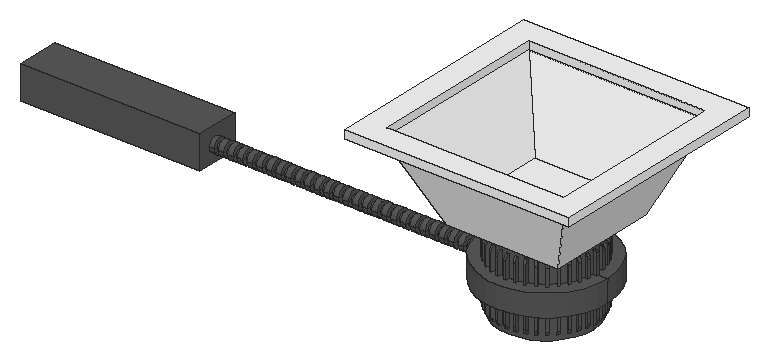
Revit family "LBRP-M-LSSL-6SQD", category Lighting Fixtures, host Face, Revit 2021
Family settings
  Host = Face
  Round Connector Dimension = Use Diameter
  Part Type = Normal
  OmniClass Number = 23.80.70.11.14.17
  OmniClass Title = Direct/Indirect
  Cut with Voids When Loaded = No
  Light Source = Yes
  Shared = Yes
  Room Calculation Point = No
Parameters (values of type "LBRP-M-LSSL-6SQD")
  Heat Sink = Black
  A = 5.65"
  Wattage = 31.6 W
  Warranty = "5-Years Warranty"
  built-in parameter 1150110 = 1 (stored number, unit not read)
  Voltage = 120 V
  D = 6.09"
  C = 0.20"
  built-in parameter 1114217 = 1 (stored number, unit not read)
  Tilt Angle = -90.00°
  built-in parameter 1150109 = 1 (stored number, unit not read)
  built-in parameter 1150134 = (empty or 0)
  built-in parameter 1150113 = 1 (stored number, unit not read)
  Product Documentation Link = ""
  Power Factor = 0.9
  Photometric Web Link = ""
  Photometric Web File = "LBRP-M-LSSLCS9_LBRP-6SQD-T-D_3000K_800lm.ies"
  Photometric Notes = "More IES files download on Photometric Web Link"  # constant formula
  zz Length 1 = 48.00"
  Wattage Comments = " 9.6 - 55 W"  # constant formula
  URL = "https://www.currentlighting.com/prescolite"
  Product Page URL = ""
  Model = "LBRP-M-LSSL-6SQD"  # constant formula
  Manufacturer = "Prescolite Lighting"  # constant formula
  built-in parameter 1150105 = 251.46 (stored number, unit not read)
  Lumens = 3160 lm
  built-in parameter 1150115 = 1 (stored number, unit not read)
  Load Classification = Lighting
  built-in parameter 1150137 = (empty or 0)
  built-in parameter 1150139 = (empty or 0)
  built-in parameter 1150112 = 1 (stored number, unit not read)
  built-in parameter 1150114 = 1 (stored number, unit not read)
  Lamp = "LED's"  # constant formula
  built-in parameter 1150132 = (empty or 0)
  built-in parameter 1150102 = (empty or 0)
  built-in parameter 1150107 = 3500 (stored number, unit not read)
  built-in parameter 1150138 = (empty or 0)
  built-in parameter 1150106 = 2.5146 (stored number, unit not read)
  Glass = White Glass
  built-in parameter 1150104 = 9.2903 (stored number, unit not read)
  Dimming Lamp Color Temperature Shift = <None>
  Description = "PRO CANLESS DIRECT INSTALL DOWNLIGHT\r"  # constant formula
  Default Elevation = 48.00"
  Contact Us = ""
  Color Filter = 16777215
  built-in parameter 1114218 = 1 (stored number, unit not read)
  Housing Material = Paint - Matte White
  B = 7.50"
  built-in parameter 1150133 = 10 (stored number, unit not read)
  Assembly Code = "D5020200"
  Apparent Load = 11.5 VA
Reference planes (in)
  plane 1 "Center (Front/Back)": y = 13.01342
  plane 2: z = 0
  plane 3 "Center (Left/Right)": x = 0
  plane 4: z = 0.44
  plane 5: z = -5.65
  plane 6: y = 16.87342
  plane 7: y = 9.15342
  plane 8: x = -3.86
  plane 9: x = 3.86
  plane 10: x = -3.05
  plane 11: x = 3.05
  plane 12: y = 16.06342
  plane 13: y = 9.96342
Forms (in)
  Revolve 1, solid, material "Black" <- "Heat Sink"
    sketch origin (0, 13.01342, 0) x (1, 0, 0) y (0, 0, 1)
      loop
        line (1.63083, -2.84783) -> (0.86374, -2.84783) -> (0, -2.84783) -> (0, -5.65) -> (1.63083, -5.65) -> (1.63083, -4.66486) -> (2.13083, -4.66486) -> (2.13083, -3.91486) -> (1.63083, -3.91486) -> (1.63083, -2.84783)
      axis (0, -2.84783) -> (0, -5.65)
    angle from 0 to 360
  Extrusion 2, solid, material "Black" <- "Heat Sink"
    sketch origin (-0.71875, 13.01342, 0) x (1, 0, 0) y (0, 0, 1)
      loop
        line (2.13083, -3.91486) -> (2.50583, -3.91486) -> (2.50583, -3.32939)
        arc (2.50583, -3.32939) -> (2.45764, -3.21305) -> (2.3413, -3.16486) r 0.16453
        line (2.3413, -3.16486) -> (2.13083, -3.16486) -> (2.13083, -3.91486)
      loop
        line (2.13083, -4.66434) -> (2.13083, -5.47684) -> (2.3413, -5.47684)
        arc (2.3413, -5.47684) -> (2.45764, -5.42865) -> (2.50583, -5.31231) r 0.16453
        line (2.50583, -5.31231) -> (2.50583, -4.66434) -> (2.13083, -4.66434)
    from -0.0248 to 0.04965
  Extrusion 3, solid, material "Black" <- "Heat Sink"
    sketch origin (0, 13.01342, 0) x (0.984808, -0.173648, 0) y (0, 0, 1)
      loop
        line (1.38083, -3.91486) -> (1.75583, -3.91486) -> (1.75583, -3.32939)
        arc (1.75583, -3.32939) -> (1.70764, -3.21305) -> (1.5913, -3.16486) r 0.16453
        line (1.5913, -3.16486) -> (1.38083, -3.16486) -> (1.38083, -3.91486)
      loop
        line (1.38083, -4.66434) -> (1.38083, -5.47684) -> (1.5913, -5.47684)
        arc (1.5913, -5.47684) -> (1.70764, -5.42865) -> (1.75583, -5.31231) r 0.16453
        line (1.75583, -5.31231) -> (1.75583, -4.66434) -> (1.38083, -4.66434)
    from -0.0248 to 0.04965
  Extrusion 4, solid, material "Black" <- "Heat Sink"
    sketch origin (0, 13.01342, 0) x (0.939693, -0.34202, 0) y (0, 0, 1)
      loop
        line (1.38083, -3.91486) -> (1.75583, -3.91486) -> (1.75583, -3.32939)
        arc (1.75583, -3.32939) -> (1.70764, -3.21305) -> (1.5913, -3.16486) r 0.16453
        line (1.5913, -3.16486) -> (1.38083, -3.16486) -> (1.38083, -3.91486)
      loop
        line (1.38083, -4.66434) -> (1.38083, -5.47684) -> (1.5913, -5.47684)
        arc (1.5913, -5.47684) -> (1.70764, -5.42865) -> (1.75583, -5.31231) r 0.16453
        line (1.75583, -5.31231) -> (1.75583, -4.66434) -> (1.38083, -4.66434)
    from -0.0248 to 0.04965
  Extrusion 5, solid, material "Black" <- "Heat Sink"
    sketch origin (0, 13.01342, 0) x (0.866025, -0.5, 0) y (0, 0, 1)
      loop
        line (1.38083, -3.91486) -> (1.75583, -3.91486) -> (1.75583, -3.32939)
        arc (1.75583, -3.32939) -> (1.70764, -3.21305) -> (1.5913, -3.16486) r 0.16453
        line (1.5913, -3.16486) -> (1.38083, -3.16486) -> (1.38083, -3.91486)
      loop
        line (1.38083, -4.66434) -> (1.38083, -5.47684) -> (1.5913, -5.47684)
        arc (1.5913, -5.47684) -> (1.70764, -5.42865) -> (1.75583, -5.31231) r 0.16453
        line (1.75583, -5.31231) -> (1.75583, -4.66434) -> (1.38083, -4.66434)
    from -0.0248 to 0.04965
  Extrusion 6, solid, material "Black" <- "Heat Sink"
    sketch origin (0, 13.01342, 0) x (0.766044, -0.642788, 0) y (0, 0, 1)
      loop
        line (1.38083, -3.91486) -> (1.75583, -3.91486) -> (1.75583, -3.32939)
        arc (1.75583, -3.32939) -> (1.70764, -3.21305) -> (1.5913, -3.16486) r 0.16453
        line (1.5913, -3.16486) -> (1.38083, -3.16486) -> (1.38083, -3.91486)
      loop
        line (1.38083, -4.66434) -> (1.38083, -5.47684) -> (1.5913, -5.47684)
        arc (1.5913, -5.47684) -> (1.70764, -5.42865) -> (1.75583, -5.31231) r 0.16453
        line (1.75583, -5.31231) -> (1.75583, -4.66434) -> (1.38083, -4.66434)
    from -0.0248 to 0.04965
  Extrusion 7, solid, material "Black" <- "Heat Sink"
    sketch origin (0, 13.01342, 0) x (0.642788, -0.766044, 0) y (0, 0, 1)
      loop
        line (1.38083, -3.91486) -> (1.75583, -3.91486) -> (1.75583, -3.32939)
        arc (1.75583, -3.32939) -> (1.70764, -3.21305) -> (1.5913, -3.16486) r 0.16453
        line (1.5913, -3.16486) -> (1.38083, -3.16486) -> (1.38083, -3.91486)
      loop
        line (1.38083, -4.66434) -> (1.38083, -5.47684) -> (1.5913, -5.47684)
        arc (1.5913, -5.47684) -> (1.70764, -5.42865) -> (1.75583, -5.31231) r 0.16453
        line (1.75583, -5.31231) -> (1.75583, -4.66434) -> (1.38083, -4.66434)
    from -0.0248 to 0.04965
  Extrusion 8, solid, material "Black" <- "Heat Sink"
    sketch origin (0, 13.01342, 0) x (0.5, -0.866025, 0) y (0, 0, 1)
      loop
        line (1.38083, -3.91486) -> (1.75583, -3.91486) -> (1.75583, -3.32939)
        arc (1.75583, -3.32939) -> (1.70764, -3.21305) -> (1.5913, -3.16486) r 0.16453
        line (1.5913, -3.16486) -> (1.38083, -3.16486) -> (1.38083, -3.91486)
      loop
        line (1.38083, -4.66434) -> (1.38083, -5.47684) -> (1.5913, -5.47684)
        arc (1.5913, -5.47684) -> (1.70764, -5.42865) -> (1.75583, -5.31231) r 0.16453
        line (1.75583, -5.31231) -> (1.75583, -4.66434) -> (1.38083, -4.66434)
    from -0.0248 to 0.04965
  Extrusion 9, solid, material "Black" <- "Heat Sink"
    sketch origin (0, 13.01342, 0) x (0.34202, -0.939693, 0) y (0, 0, 1)
      loop
        line (1.38083, -3.91486) -> (1.75583, -3.91486) -> (1.75583, -3.32939)
        arc (1.75583, -3.32939) -> (1.70764, -3.21305) -> (1.5913, -3.16486) r 0.16453
        line (1.5913, -3.16486) -> (1.38083, -3.16486) -> (1.38083, -3.91486)
      loop
        line (1.38083, -4.66434) -> (1.38083, -5.47684) -> (1.5913, -5.47684)
        arc (1.5913, -5.47684) -> (1.70764, -5.42865) -> (1.75583, -5.31231) r 0.16453
        line (1.75583, -5.31231) -> (1.75583, -4.66434) -> (1.38083, -4.66434)
    from -0.0248 to 0.04965
  Extrusion 10, solid, material "Black" <- "Heat Sink"
    sketch origin (0, 13.01342, 0) x (0.173648, -0.984808, 0) y (0, 0, 1)
      loop
        line (1.38083, -3.91486) -> (1.75583, -3.91486) -> (1.75583, -3.32939)
        arc (1.75583, -3.32939) -> (1.70764, -3.21305) -> (1.5913, -3.16486) r 0.16453
        line (1.5913, -3.16486) -> (1.38083, -3.16486) -> (1.38083, -3.91486)
      loop
        line (1.38083, -4.66434) -> (1.38083, -5.47684) -> (1.5913, -5.47684)
        arc (1.5913, -5.47684) -> (1.70764, -5.42865) -> (1.75583, -5.31231) r 0.16453
        line (1.75583, -5.31231) -> (1.75583, -4.66434) -> (1.38083, -4.66434)
    from -0.0248 to 0.04965
  Extrusion 11, solid, material "Black" <- "Heat Sink"
    sketch origin (0, 13.01342, 0) x (0, -1, 0) y (0, 0, 1)
      loop
        line (1.38083, -3.91486) -> (1.75583, -3.91486) -> (1.75583, -3.32939)
        arc (1.75583, -3.32939) -> (1.70764, -3.21305) -> (1.5913, -3.16486) r 0.16453
        line (1.5913, -3.16486) -> (1.38083, -3.16486) -> (1.38083, -3.91486)
      loop
        line (1.38083, -4.66434) -> (1.38083, -5.47684) -> (1.5913, -5.47684)
        arc (1.5913, -5.47684) -> (1.70764, -5.42865) -> (1.75583, -5.31231) r 0.16453
        line (1.75583, -5.31231) -> (1.75583, -4.66434) -> (1.38083, -4.66434)
    from -0.0248 to 0.04965
  Extrusion 12, solid, material "Black" <- "Heat Sink"
    sketch origin (0, 13.01342, 0) x (-0.173648, -0.984808, 0) y (0, 0, 1)
      loop
        line (1.38083, -3.91486) -> (1.75583, -3.91486) -> (1.75583, -3.32939)
        arc (1.75583, -3.32939) -> (1.70764, -3.21305) -> (1.5913, -3.16486) r 0.16453
        line (1.5913, -3.16486) -> (1.38083, -3.16486) -> (1.38083, -3.91486)
      loop
        line (1.38083, -4.66434) -> (1.38083, -5.47684) -> (1.5913, -5.47684)
        arc (1.5913, -5.47684) -> (1.70764, -5.42865) -> (1.75583, -5.31231) r 0.16453
        line (1.75583, -5.31231) -> (1.75583, -4.66434) -> (1.38083, -4.66434)
    from -0.0248 to 0.04965
  Extrusion 13, solid, material "Black" <- "Heat Sink"
    sketch origin (0, 13.01342, 0) x (-0.34202, -0.939693, 0) y (0, 0, 1)
      loop
        line (1.38083, -3.91486) -> (1.75583, -3.91486) -> (1.75583, -3.32939)
        arc (1.75583, -3.32939) -> (1.70764, -3.21305) -> (1.5913, -3.16486) r 0.16453
        line (1.5913, -3.16486) -> (1.38083, -3.16486) -> (1.38083, -3.91486)
      loop
        line (1.38083, -4.66434) -> (1.38083, -5.47684) -> (1.5913, -5.47684)
        arc (1.5913, -5.47684) -> (1.70764, -5.42865) -> (1.75583, -5.31231) r 0.16453
        line (1.75583, -5.31231) -> (1.75583, -4.66434) -> (1.38083, -4.66434)
    from -0.0248 to 0.04965
  Extrusion 14, solid, material "Black" <- "Heat Sink"
    sketch origin (0, 13.01342, 0) x (-0.5, -0.866025, 0) y (0, 0, 1)
      loop
        line (1.38083, -3.91486) -> (1.75583, -3.91486) -> (1.75583, -3.32939)
        arc (1.75583, -3.32939) -> (1.70764, -3.21305) -> (1.5913, -3.16486) r 0.16453
        line (1.5913, -3.16486) -> (1.38083, -3.16486) -> (1.38083, -3.91486)
      loop
        line (1.38083, -4.66434) -> (1.38083, -5.47684) -> (1.5913, -5.47684)
        arc (1.5913, -5.47684) -> (1.70764, -5.42865) -> (1.75583, -5.31231) r 0.16453
        line (1.75583, -5.31231) -> (1.75583, -4.66434) -> (1.38083, -4.66434)
    from -0.0248 to 0.04965
  Extrusion 15, solid, material "Black" <- "Heat Sink"
    sketch origin (0, 13.01342, 0) x (-0.642788, -0.766044, 0) y (0, 0, 1)
      loop
        line (1.38083, -3.91486) -> (1.75583, -3.91486) -> (1.75583, -3.32939)
        arc (1.75583, -3.32939) -> (1.70764, -3.21305) -> (1.5913, -3.16486) r 0.16453
        line (1.5913, -3.16486) -> (1.38083, -3.16486) -> (1.38083, -3.91486)
      loop
        line (1.38083, -4.66434) -> (1.38083, -5.47684) -> (1.5913, -5.47684)
        arc (1.5913, -5.47684) -> (1.70764, -5.42865) -> (1.75583, -5.31231) r 0.16453
        line (1.75583, -5.31231) -> (1.75583, -4.66434) -> (1.38083, -4.66434)
    from -0.0248 to 0.04965
  Extrusion 16, solid, material "Black" <- "Heat Sink"
    sketch origin (0, 13.01342, 0) x (-0.766044, -0.642788, 0) y (0, 0, 1)
      loop
        line (1.38083, -3.91486) -> (1.75583, -3.91486) -> (1.75583, -3.32939)
        arc (1.75583, -3.32939) -> (1.70764, -3.21305) -> (1.5913, -3.16486) r 0.16453
        line (1.5913, -3.16486) -> (1.38083, -3.16486) -> (1.38083, -3.91486)
      loop
        line (1.38083, -4.66434) -> (1.38083, -5.47684) -> (1.5913, -5.47684)
        arc (1.5913, -5.47684) -> (1.70764, -5.42865) -> (1.75583, -5.31231) r 0.16453
        line (1.75583, -5.31231) -> (1.75583, -4.66434) -> (1.38083, -4.66434)
    from -0.0248 to 0.04965
  Extrusion 17, solid, material "Black" <- "Heat Sink"
    sketch origin (0, 13.01342, 0) x (-0.866025, -0.5, 0) y (0, 0, 1)
      loop
        line (1.38083, -3.91486) -> (1.75583, -3.91486) -> (1.75583, -3.32939)
        arc (1.75583, -3.32939) -> (1.70764, -3.21305) -> (1.5913, -3.16486) r 0.16453
        line (1.5913, -3.16486) -> (1.38083, -3.16486) -> (1.38083, -3.91486)
      loop
        line (1.38083, -4.66434) -> (1.38083, -5.47684) -> (1.5913, -5.47684)
        arc (1.5913, -5.47684) -> (1.70764, -5.42865) -> (1.75583, -5.31231) r 0.16453
        line (1.75583, -5.31231) -> (1.75583, -4.66434) -> (1.38083, -4.66434)
    from -0.0248 to 0.04965
  Extrusion 18, solid, material "Black" <- "Heat Sink"
    sketch origin (0.71875, 13.01342, 0) x (-1, 0, 0) y (0, 0, -1)
      loop
        line (2.13083, 3.91486) -> (2.13083, 3.16486) -> (2.3413, 3.16486)
        arc (2.3413, 3.16486) -> (2.45764, 3.21305) -> (2.50583, 3.32939) r 0.16453
        line (2.50583, 3.32939) -> (2.50583, 3.91486) -> (2.13083, 3.91486)
      loop
        line (2.13083, 4.66434) -> (2.50583, 4.66434) -> (2.50583, 5.31231)
        arc (2.50583, 5.31231) -> (2.45764, 5.42865) -> (2.3413, 5.47684) r 0.16453
        line (2.3413, 5.47684) -> (2.13083, 5.47684) -> (2.13083, 4.66434)
    from -0.0248 to 0.04965
  Extrusion 19, solid, material "Black" <- "Heat Sink"
    sketch origin (0, 13.01342, 0) x (-0.984808, -0.173648, 0) y (0, 0, -1)
      loop
        line (1.38083, 3.91486) -> (1.38083, 3.16486) -> (1.5913, 3.16486)
        arc (1.5913, 3.16486) -> (1.70764, 3.21305) -> (1.75583, 3.32939) r 0.16453
        line (1.75583, 3.32939) -> (1.75583, 3.91486) -> (1.38083, 3.91486)
      loop
        line (1.38083, 4.66434) -> (1.75583, 4.66434) -> (1.75583, 5.31231)
        arc (1.75583, 5.31231) -> (1.70764, 5.42865) -> (1.5913, 5.47684) r 0.16453
        line (1.5913, 5.47684) -> (1.38083, 5.47684) -> (1.38083, 4.66434)
    from -0.0248 to 0.04965
  Extrusion 20, solid, material "Black" <- "Heat Sink"
    sketch origin (0, 13.01342, 0) x (-0.939693, -0.34202, 0) y (0, 0, -1)
      loop
        line (1.38083, 3.91486) -> (1.38083, 3.16486) -> (1.5913, 3.16486)
        arc (1.5913, 3.16486) -> (1.70764, 3.21305) -> (1.75583, 3.32939) r 0.16453
        line (1.75583, 3.32939) -> (1.75583, 3.91486) -> (1.38083, 3.91486)
      loop
        line (1.38083, 4.66434) -> (1.75583, 4.66434) -> (1.75583, 5.31231)
        arc (1.75583, 5.31231) -> (1.70764, 5.42865) -> (1.5913, 5.47684) r 0.16453
        line (1.5913, 5.47684) -> (1.38083, 5.47684) -> (1.38083, 4.66434)
    from -0.0248 to 0.04965
  Extrusion 21, solid, material "Black" <- "Heat Sink"
    sketch origin (0, 13.01342, 0) x (0.984808, 0.173648, 0) y (0, 0, -1)
      loop
        line (1.38083, 3.91486) -> (1.38083, 3.16486) -> (1.5913, 3.16486)
        arc (1.5913, 3.16486) -> (1.70764, 3.21305) -> (1.75583, 3.32939) r 0.16453
        line (1.75583, 3.32939) -> (1.75583, 3.91486) -> (1.38083, 3.91486)
      loop
        line (1.38083, 4.66434) -> (1.75583, 4.66434) -> (1.75583, 5.31231)
        arc (1.75583, 5.31231) -> (1.70764, 5.42865) -> (1.5913, 5.47684) r 0.16453
        line (1.5913, 5.47684) -> (1.38083, 5.47684) -> (1.38083, 4.66434)
    from -0.0248 to 0.04965
  Extrusion 22, solid, material "Black" <- "Heat Sink"
    sketch origin (0, 13.01342, 0) x (0.939693, 0.34202, 0) y (0, 0, -1)
      loop
        line (1.38083, 3.91486) -> (1.38083, 3.16486) -> (1.5913, 3.16486)
        arc (1.5913, 3.16486) -> (1.70764, 3.21305) -> (1.75583, 3.32939) r 0.16453
        line (1.75583, 3.32939) -> (1.75583, 3.91486) -> (1.38083, 3.91486)
      loop
        line (1.38083, 4.66434) -> (1.75583, 4.66434) -> (1.75583, 5.31231)
        arc (1.75583, 5.31231) -> (1.70764, 5.42865) -> (1.5913, 5.47684) r 0.16453
        line (1.5913, 5.47684) -> (1.38083, 5.47684) -> (1.38083, 4.66434)
    from -0.0248 to 0.04965
  Extrusion 23, solid, material "Black" <- "Heat Sink"
    sketch origin (0, 13.01342, 0) x (0.866025, 0.5, 0) y (0, 0, -1)
      loop
        line (1.38083, 3.91486) -> (1.38083, 3.16486) -> (1.5913, 3.16486)
        arc (1.5913, 3.16486) -> (1.70764, 3.21305) -> (1.75583, 3.32939) r 0.16453
        line (1.75583, 3.32939) -> (1.75583, 3.91486) -> (1.38083, 3.91486)
      loop
        line (1.38083, 4.66434) -> (1.75583, 4.66434) -> (1.75583, 5.31231)
        arc (1.75583, 5.31231) -> (1.70764, 5.42865) -> (1.5913, 5.47684) r 0.16453
        line (1.5913, 5.47684) -> (1.38083, 5.47684) -> (1.38083, 4.66434)
    from -0.0248 to 0.04965
  Extrusion 24, solid, material "Black" <- "Heat Sink"
    sketch origin (0, 13.01342, 0) x (0.766044, 0.642788, 0) y (0, 0, -1)
      loop
        line (1.38083, 3.91486) -> (1.38083, 3.16486) -> (1.5913, 3.16486)
        arc (1.5913, 3.16486) -> (1.70764, 3.21305) -> (1.75583, 3.32939) r 0.16453
        line (1.75583, 3.32939) -> (1.75583, 3.91486) -> (1.38083, 3.91486)
      loop
        line (1.38083, 4.66434) -> (1.75583, 4.66434) -> (1.75583, 5.31231)
        arc (1.75583, 5.31231) -> (1.70764, 5.42865) -> (1.5913, 5.47684) r 0.16453
        line (1.5913, 5.47684) -> (1.38083, 5.47684) -> (1.38083, 4.66434)
    from -0.0248 to 0.04965
  Extrusion 25, solid, material "Black" <- "Heat Sink"
    sketch origin (0, 13.01342, 0) x (0.642788, 0.766044, 0) y (0, 0, -1)
      loop
        line (1.38083, 3.91486) -> (1.38083, 3.16486) -> (1.5913, 3.16486)
        arc (1.5913, 3.16486) -> (1.70764, 3.21305) -> (1.75583, 3.32939) r 0.16453
        line (1.75583, 3.32939) -> (1.75583, 3.91486) -> (1.38083, 3.91486)
      loop
        line (1.38083, 4.66434) -> (1.75583, 4.66434) -> (1.75583, 5.31231)
        arc (1.75583, 5.31231) -> (1.70764, 5.42865) -> (1.5913, 5.47684) r 0.16453
        line (1.5913, 5.47684) -> (1.38083, 5.47684) -> (1.38083, 4.66434)
    from -0.0248 to 0.04965
  Extrusion 26, solid, material "Black" <- "Heat Sink"
    sketch origin (0, 13.01342, 0) x (0.5, 0.866025, 0) y (0, 0, -1)
      loop
        line (1.38083, 3.91486) -> (1.38083, 3.16486) -> (1.5913, 3.16486)
        arc (1.5913, 3.16486) -> (1.70764, 3.21305) -> (1.75583, 3.32939) r 0.16453
        line (1.75583, 3.32939) -> (1.75583, 3.91486) -> (1.38083, 3.91486)
      loop
        line (1.38083, 4.66434) -> (1.75583, 4.66434) -> (1.75583, 5.31231)
        arc (1.75583, 5.31231) -> (1.70764, 5.42865) -> (1.5913, 5.47684) r 0.16453
        line (1.5913, 5.47684) -> (1.38083, 5.47684) -> (1.38083, 4.66434)
    from -0.0248 to 0.04965
  Extrusion 27, solid, material "Black" <- "Heat Sink"
    sketch origin (0, 13.01342, 0) x (0.34202, 0.939693, 0) y (0, 0, -1)
      loop
        line (1.38083, 3.91486) -> (1.38083, 3.16486) -> (1.5913, 3.16486)
        arc (1.5913, 3.16486) -> (1.70764, 3.21305) -> (1.75583, 3.32939) r 0.16453
        line (1.75583, 3.32939) -> (1.75583, 3.91486) -> (1.38083, 3.91486)
      loop
        line (1.38083, 4.66434) -> (1.75583, 4.66434) -> (1.75583, 5.31231)
        arc (1.75583, 5.31231) -> (1.70764, 5.42865) -> (1.5913, 5.47684) r 0.16453
        line (1.5913, 5.47684) -> (1.38083, 5.47684) -> (1.38083, 4.66434)
    from -0.0248 to 0.04965
  Extrusion 28, solid, material "Black" <- "Heat Sink"
    sketch origin (0, 13.01342, 0) x (0.173648, 0.984808, 0) y (0, 0, -1)
      loop
        line (1.38083, 3.91486) -> (1.38083, 3.16486) -> (1.5913, 3.16486)
        arc (1.5913, 3.16486) -> (1.70764, 3.21305) -> (1.75583, 3.32939) r 0.16453
        line (1.75583, 3.32939) -> (1.75583, 3.91486) -> (1.38083, 3.91486)
      loop
        line (1.38083, 4.66434) -> (1.75583, 4.66434) -> (1.75583, 5.31231)
        arc (1.75583, 5.31231) -> (1.70764, 5.42865) -> (1.5913, 5.47684) r 0.16453
        line (1.5913, 5.47684) -> (1.38083, 5.47684) -> (1.38083, 4.66434)
    from -0.0248 to 0.04965
  Extrusion 29, solid, material "Black" <- "Heat Sink"
    sketch origin (0, 13.01342, 0) x (0, 1, 0) y (0, 0, -1)
      loop
        line (1.38083, 3.91486) -> (1.38083, 3.16486) -> (1.5913, 3.16486)
        arc (1.5913, 3.16486) -> (1.70764, 3.21305) -> (1.75583, 3.32939) r 0.16453
        line (1.75583, 3.32939) -> (1.75583, 3.91486) -> (1.38083, 3.91486)
      loop
        line (1.38083, 4.66434) -> (1.75583, 4.66434) -> (1.75583, 5.31231)
        arc (1.75583, 5.31231) -> (1.70764, 5.42865) -> (1.5913, 5.47684) r 0.16453
        line (1.5913, 5.47684) -> (1.38083, 5.47684) -> (1.38083, 4.66434)
    from -0.0248 to 0.04965
  Extrusion 30, solid, material "Black" <- "Heat Sink"
    sketch origin (0, 13.01342, 0) x (-0.173648, 0.984808, 0) y (0, 0, -1)
      loop
        line (1.38083, 3.91486) -> (1.38083, 3.16486) -> (1.5913, 3.16486)
        arc (1.5913, 3.16486) -> (1.70764, 3.21305) -> (1.75583, 3.32939) r 0.16453
        line (1.75583, 3.32939) -> (1.75583, 3.91486) -> (1.38083, 3.91486)
      loop
        line (1.38083, 4.66434) -> (1.75583, 4.66434) -> (1.75583, 5.31231)
        arc (1.75583, 5.31231) -> (1.70764, 5.42865) -> (1.5913, 5.47684) r 0.16453
        line (1.5913, 5.47684) -> (1.38083, 5.47684) -> (1.38083, 4.66434)
    from -0.0248 to 0.04965
  Extrusion 31, solid, material "Black" <- "Heat Sink"
    sketch origin (0, 13.01342, 0) x (-0.34202, 0.939693, 0) y (0, 0, -1)
      loop
        line (1.38083, 3.91486) -> (1.38083, 3.16486) -> (1.5913, 3.16486)
        arc (1.5913, 3.16486) -> (1.70764, 3.21305) -> (1.75583, 3.32939) r 0.16453
        line (1.75583, 3.32939) -> (1.75583, 3.91486) -> (1.38083, 3.91486)
      loop
        line (1.38083, 4.66434) -> (1.75583, 4.66434) -> (1.75583, 5.31231)
        arc (1.75583, 5.31231) -> (1.70764, 5.42865) -> (1.5913, 5.47684) r 0.16453
        line (1.5913, 5.47684) -> (1.38083, 5.47684) -> (1.38083, 4.66434)
    from -0.0248 to 0.04965
  Extrusion 32, solid, material "Black" <- "Heat Sink"
    sketch origin (0, 13.01342, 0) x (-0.5, 0.866025, 0) y (0, 0, -1)
      loop
        line (1.38083, 3.91486) -> (1.38083, 3.16486) -> (1.5913, 3.16486)
        arc (1.5913, 3.16486) -> (1.70764, 3.21305) -> (1.75583, 3.32939) r 0.16453
        line (1.75583, 3.32939) -> (1.75583, 3.91486) -> (1.38083, 3.91486)
      loop
        line (1.38083, 4.66434) -> (1.75583, 4.66434) -> (1.75583, 5.31231)
        arc (1.75583, 5.31231) -> (1.70764, 5.42865) -> (1.5913, 5.47684) r 0.16453
        line (1.5913, 5.47684) -> (1.38083, 5.47684) -> (1.38083, 4.66434)
    from -0.0248 to 0.04965
  Extrusion 33, solid, material "Black" <- "Heat Sink"
    sketch origin (0, 13.01342, 0) x (-0.642788, 0.766044, 0) y (0, 0, -1)
      loop
        line (1.38083, 3.91486) -> (1.38083, 3.16486) -> (1.5913, 3.16486)
        arc (1.5913, 3.16486) -> (1.70764, 3.21305) -> (1.75583, 3.32939) r 0.16453
        line (1.75583, 3.32939) -> (1.75583, 3.91486) -> (1.38083, 3.91486)
      loop
        line (1.38083, 4.66434) -> (1.75583, 4.66434) -> (1.75583, 5.31231)
        arc (1.75583, 5.31231) -> (1.70764, 5.42865) -> (1.5913, 5.47684) r 0.16453
        line (1.5913, 5.47684) -> (1.38083, 5.47684) -> (1.38083, 4.66434)
    from -0.0248 to 0.04965
  Extrusion 34, solid, material "Black" <- "Heat Sink"
    sketch origin (0, 13.01342, 0) x (-0.766044, 0.642788, 0) y (0, 0, -1)
      loop
        line (1.38083, 3.91486) -> (1.38083, 3.16486) -> (1.5913, 3.16486)
        arc (1.5913, 3.16486) -> (1.70764, 3.21305) -> (1.75583, 3.32939) r 0.16453
        line (1.75583, 3.32939) -> (1.75583, 3.91486) -> (1.38083, 3.91486)
      loop
        line (1.38083, 4.66434) -> (1.75583, 4.66434) -> (1.75583, 5.31231)
        arc (1.75583, 5.31231) -> (1.70764, 5.42865) -> (1.5913, 5.47684) r 0.16453
        line (1.5913, 5.47684) -> (1.38083, 5.47684) -> (1.38083, 4.66434)
    from -0.0248 to 0.04965
  Extrusion 35, solid, material "Black" <- "Heat Sink"
    sketch origin (0, 13.01342, 0) x (-0.866025, 0.5, 0) y (0, 0, -1)
      loop
        line (1.38083, 3.91486) -> (1.38083, 3.16486) -> (1.5913, 3.16486)
        arc (1.5913, 3.16486) -> (1.70764, 3.21305) -> (1.75583, 3.32939) r 0.16453
        line (1.75583, 3.32939) -> (1.75583, 3.91486) -> (1.38083, 3.91486)
      loop
        line (1.38083, 4.66434) -> (1.75583, 4.66434) -> (1.75583, 5.31231)
        arc (1.75583, 5.31231) -> (1.70764, 5.42865) -> (1.5913, 5.47684) r 0.16453
        line (1.5913, 5.47684) -> (1.38083, 5.47684) -> (1.38083, 4.66434)
    from -0.0248 to 0.04965
  Extrusion 36, solid, material "Black" <- "Heat Sink"
    sketch origin (0, 13.01342, 0) x (-0.984808, 0.173648, 0) y (0, 0, 1)
      loop
        line (1.38083, -3.91486) -> (1.75583, -3.91486) -> (1.75583, -3.32939)
        arc (1.75583, -3.32939) -> (1.70764, -3.21305) -> (1.5913, -3.16486) r 0.16453
        line (1.5913, -3.16486) -> (1.38083, -3.16486) -> (1.38083, -3.91486)
      loop
        line (1.38083, -4.66434) -> (1.38083, -5.47684) -> (1.5913, -5.47684)
        arc (1.5913, -5.47684) -> (1.70764, -5.42865) -> (1.75583, -5.31231) r 0.16453
        line (1.75583, -5.31231) -> (1.75583, -4.66434) -> (1.38083, -4.66434)
    from -0.0248 to 0.04965
  Extrusion 37, solid, material "Black" <- "Heat Sink"
    sketch origin (0, 13.01342, 0) x (-0.939693, 0.34202, 0) y (0, 0, 1)
      loop
        line (1.38083, -3.91486) -> (1.75583, -3.91486) -> (1.75583, -3.32939)
        arc (1.75583, -3.32939) -> (1.70764, -3.21305) -> (1.5913, -3.16486) r 0.16453
        line (1.5913, -3.16486) -> (1.38083, -3.16486) -> (1.38083, -3.91486)
      loop
        line (1.38083, -4.66434) -> (1.38083, -5.47684) -> (1.5913, -5.47684)
        arc (1.5913, -5.47684) -> (1.70764, -5.42865) -> (1.75583, -5.31231) r 0.16453
        line (1.75583, -5.31231) -> (1.75583, -4.66434) -> (1.38083, -4.66434)
    from -0.0248 to 0.04965
  Revolve 38, solid, material "Black" <- "Heat Sink"
    sketch origin (1.75, 0, -4.5) x (1, 0, 0) y (0, 1, 0)
      loop
        line (-13.15674, 13.01342) -> (-3.63494, 13.01342) -> (-3.63494, 13.16148) -> (-3.73144, 13.16148) -> (-3.73144, 13.26342) -> (-3.9192, 13.26342) -> (-3.9192, 13.16148) -> (-4.06136, 13.16148) -> (-4.06136, 13.26342) -> (-4.24911, 13.26342) -> (-4.24911, 13.16148) -> (-4.39127, 13.16148) -> (-4.39127, 13.26342) -> (-4.57902, 13.26342) -> (-4.57902, 13.16148) -> (-4.72118, 13.16148) -> (-4.72118, 13.26342) -> (-4.90894, 13.26342) -> (-4.90894, 13.16148) -> (-5.05109, 13.16148) -> (-5.05109, 13.26342) -> (-5.23885, 13.26342) -> (-5.23885, 13.16148) -> (-5.38101, 13.16148) -> (-5.38101, 13.26342) -> (-5.56876, 13.26342) -> (-5.56876, 13.16148) -> (-5.71092, 13.16148) -> (-5.71092, 13.26342) -> (-5.89867, 13.26342) -> (-5.89867, 13.16148) -> (-6.04083, 13.16148) -> (-6.04083, 13.26342) -> (-6.22859, 13.26342) -> (-6.22859, 13.16148) -> (-6.37074, 13.16148) -> (-6.37074, 13.26342) -> (-6.5585, 13.26342) -> (-6.5585, 13.16148) -> (-6.70065, 13.16148) -> (-6.70065, 13.26342) -> (-6.88841, 13.26342) -> (-6.88841, 13.16148) -> (-7.03057, 13.16148) -> (-7.03057, 13.26342) -> (-7.21832, 13.26342) -> (-7.21832, 13.16148) -> (-7.36048, 13.16148) -> (-7.36048, 13.26342) -> (-7.54823, 13.26342) -> (-7.54823, 13.16148) -> (-7.69039, 13.16148) -> (-7.69039, 13.26342) -> (-7.87815, 13.26342) -> (-7.87815, 13.16148) -> (-8.0203, 13.16148) -> (-8.0203, 13.26342) -> (-8.20806, 13.26342) -> (-8.20806, 13.16148) -> (-8.35021, 13.16148) -> (-8.35021, 13.26342) -> (-8.53797, 13.26342) -> (-8.53797, 13.16148) -> (-8.68013, 13.16148) -> (-8.68013, 13.26342) -> (-8.86788, 13.26342) -> (-8.86788, 13.16148) -> (-9.01004, 13.16148) -> (-9.01004, 13.26342) -> (-9.19779, 13.26342) -> (-9.19779, 13.16148) -> (-9.33995, 13.16148) -> (-9.33995, 13.26342) -> (-9.52771, 13.26342) -> (-9.52771, 13.16148) -> (-9.66986, 13.16148) -> (-9.66986, 13.26342) -> (-9.85762, 13.26342) -> (-9.85762, 13.16148) -> (-9.99977, 13.16148) -> (-9.99977, 13.26342) -> (-10.18753, 13.26342) -> (-10.18753, 13.16148) -> (-10.32969, 13.16148) -> (-10.32969, 13.26342) -> (-10.51744, 13.26342) -> (-10.51744, 13.16148) -> (-10.6596, 13.16148) -> (-10.6596, 13.26342) -> (-10.84735, 13.26342) -> (-10.84735, 13.16148) -> (-10.98951, 13.16148) -> (-10.98951, 13.26342) -> (-11.17727, 13.26342) -> (-11.17727, 13.16148) -> (-11.31942, 13.16148) -> (-11.31942, 13.26342) -> (-11.50718, 13.26342) -> (-11.50718, 13.16148) -> (-11.64933, 13.16148) -> (-11.64933, 13.26342) -> (-11.83709, 13.26342) -> (-11.83709, 13.16148) -> (-11.97925, 13.16148) -> (-11.97925, 13.26342) -> (-12.167, 13.26342) -> (-12.167, 13.16148) -> (-12.30916, 13.16148) -> (-12.30916, 13.26342) -> (-12.49691, 13.26342) -> (-12.49691, 13.16148) -> (-12.63907, 13.16148) -> (-12.63907, 13.26342) -> (-12.82683, 13.26342) -> (-12.82683, 13.16148) -> (-12.96898, 13.16148) -> (-12.96898, 13.26342) -> (-13.15674, 13.26342) -> (-13.15674, 13.01342)
      axis (-3.63494, 13.01342) -> (-13.15674, 13.01342)
    angle from 0 to 360
  Extrusion 39, solid, material "Black" <- "Heat Sink"
    sketch origin (1.80079, 0, -5.07) x (1, 0, 0) y (0, 1, 0)
      loop
        line (-13.20752, 13.86765) -> (-19.37752, 13.86765) -> (-19.37752, 12.36765) -> (-13.20752, 12.36765) -> (-13.20752, 13.86765)
    from 0 to 1.14
  Extrusion 40, solid, material "Paint - Matte White" <- "Housing Material"
    sketch origin (0, 0, 0) x (1, 0, 0) y (0, 1, 0)
      loop
        line (-3.86, 16.87342) -> (-3.86, 9.15342) -> (3.86, 9.15342) -> (3.86, 16.87342) -> (-3.86, 16.87342)
      loop
        line (-3.05, 16.06342) -> (-3.05, 9.96342) -> (3.05, 9.96342) -> (3.05, 16.06342) -> (-3.05, 16.06342)
    from 0 to 0.2516
  Extrusion 41, solid, material "Paint - Matte White" <- "Housing Material"
    sketch origin (0, 0, 0) x (1, 0, 0) y (0, 1, 0)
      loop
        line (-3.05, 16.06342) -> (-3.05, 9.96342) -> (3.05, 9.96342) -> (3.05, 16.06342) -> (-3.05, 16.06342)
      loop
        line (-3.15, 16.16342) -> (-3.15, 9.86342) -> (3.15, 9.86342) -> (3.15, 16.16342) -> (-3.15, 16.16342)
    from 0.2516 to -0.40324
  Blend 42, solid, material "Paint - Matte White" <- "Housing Material"
    base sketch origin (0, 0, 0) x (1, 0, 0) y (0, 1, 0)
      loop
        line (-3.15, 16.16342) -> (-3.15, 9.86342) -> (3.15, 9.86342) -> (3.15, 16.16342) -> (-3.15, 16.16342)
    top sketch origin (0, 0, 0) x (1, 0, 0) y (0, 1, 0)
      loop
        line (-1.89378, 14.9072) -> (-1.89378, 11.11964) -> (1.89378, 11.11964) -> (1.89378, 14.9072) -> (-1.89378, 14.9072)
    from 0 to -2.84783
  Blend 43, void
    base sketch origin (0, 0, 0) x (1, 0, 0) y (0, 1, 0)
      loop
        line (3.15, 16.16342) -> (-3.15, 16.16342) -> (-3.15, 9.86342) -> (3.15, 9.86342) -> (3.15, 16.16342)
    top sketch origin (0, 0, 0) x (1, 0, 0) y (0, 1, 0)
      loop
        line (1.89378, 11.11964) -> (1.89378, 14.9072) -> (-1.89378, 14.9072) -> (-1.89378, 11.11964) -> (1.89378, 11.11964)
    from 0.2516 to -2.44837
Cuts and joins
  Blend 43 cuts Blend 42
  joined: Extrusion 40, Extrusion 41
Dimensions and locks (in)
  "D": plane 4 to plane 5
  plane 4 to plane 2 = 0.44"
  aligned and locked: plane 2 to host face
  aligned and locked: level to host face
  aligned and locked: plane 3 "Center (Left/Right)" to imposter light
Automatic sketch dimensions
  host sketch curve to host sketch curve = 96.00"  (x2)
  Revolve 1 sketch curve to plane 3 "Center (Left/Right)" = 0.00"  (x2)
  Revolve 1 sketch curve to plane 5 = 0.00"
  plane 3 "Center (Left/Right)" to Revolve 1 sketch curve = 0.86374"
  Revolve 1 sketch curve to Revolve 1 sketch curve = 0.98514"
  Revolve 1 sketch curve to Revolve 1 sketch curve = 0.75"
  Revolve 1 sketch curve to Revolve 1 sketch curve = 1.06703"
  Revolve 1 sketch curve to plane 5 = 18.85"
  plane 4 to Revolve 1 sketch curve = 55.32668"
  Extrusion 2 sketch curve to Extrusion 2 sketch curve = 0.21047"  (x2)
  Extrusion 2 sketch curve to Extrusion 2 sketch curve = 0.16453"
  plane 5 to Extrusion 2 sketch curve = 0.17316"
  Extrusion 2 sketch curve to Extrusion 2 sketch curve = 0.64797"
  Extrusion 2 sketch curve to Extrusion 2 sketch curve = 0.74948"
  Extrusion 2 sketch curve to Extrusion 2 sketch curve = 0.58547"
  plane 5 to Extrusion 3 sketch curve = 1.73514"
  Extrusion 3 sketch curve to Extrusion 3 sketch curve = 0.00"
  Extrusion 3 sketch curve to Extrusion 3 sketch curve = 0.21047"  (x2)
  Extrusion 3 sketch curve to Extrusion 3 sketch curve = 0.16453"
  Extrusion 3 sketch curve to Extrusion 3 sketch curve = 0.375"
  Extrusion 3 sketch curve to Extrusion 3 sketch curve = 0.74948"
  plane 5 to Extrusion 3 sketch curve = 0.33769"
  Extrusion 3 sketch curve to Extrusion 3 sketch curve = 0.58547"
  plane 5 to Extrusion 4 sketch curve = 1.73514"
  Extrusion 4 sketch curve to Extrusion 4 sketch curve = 0.00"
  Extrusion 4 sketch curve to Extrusion 4 sketch curve = 0.21047"  (x2)
  Extrusion 4 sketch curve to Extrusion 4 sketch curve = 0.16453"
  Extrusion 4 sketch curve to Extrusion 4 sketch curve = 0.375"
  Extrusion 4 sketch curve to Extrusion 4 sketch curve = 0.74948"
  plane 5 to Extrusion 4 sketch curve = 0.33769"
  Extrusion 4 sketch curve to Extrusion 4 sketch curve = 0.58547"
  plane 5 to Extrusion 5 sketch curve = 1.73514"
  Extrusion 5 sketch curve to Extrusion 5 sketch curve = 0.00"
  Extrusion 5 sketch curve to Extrusion 5 sketch curve = 0.21047"  (x2)
  Extrusion 5 sketch curve to Extrusion 5 sketch curve = 0.16453"
  Extrusion 5 sketch curve to Extrusion 5 sketch curve = 0.375"
  Extrusion 5 sketch curve to Extrusion 5 sketch curve = 0.74948"
  plane 5 to Extrusion 5 sketch curve = 0.33769"
  Extrusion 5 sketch curve to Extrusion 5 sketch curve = 0.58547"
  plane 5 to Extrusion 6 sketch curve = 1.73514"
  Extrusion 6 sketch curve to Extrusion 6 sketch curve = 0.00"
  Extrusion 6 sketch curve to Extrusion 6 sketch curve = 0.21047"  (x2)
  Extrusion 6 sketch curve to Extrusion 6 sketch curve = 0.16453"
  Extrusion 6 sketch curve to Extrusion 6 sketch curve = 0.375"
  Extrusion 6 sketch curve to Extrusion 6 sketch curve = 0.74948"
  plane 5 to Extrusion 6 sketch curve = 0.33769"
  Extrusion 6 sketch curve to Extrusion 6 sketch curve = 0.58547"
  plane 5 to Extrusion 7 sketch curve = 1.73514"
  Extrusion 7 sketch curve to Extrusion 7 sketch curve = 0.00"
  Extrusion 7 sketch curve to Extrusion 7 sketch curve = 0.21047"  (x2)
  Extrusion 7 sketch curve to Extrusion 7 sketch curve = 0.16453"
  Extrusion 7 sketch curve to Extrusion 7 sketch curve = 0.375"
  Extrusion 7 sketch curve to Extrusion 7 sketch curve = 0.74948"
  plane 5 to Extrusion 7 sketch curve = 0.33769"
  Extrusion 7 sketch curve to Extrusion 7 sketch curve = 0.58547"
  plane 5 to Extrusion 8 sketch curve = 1.73514"
  Extrusion 8 sketch curve to Extrusion 8 sketch curve = 0.00"
  Extrusion 8 sketch curve to Extrusion 8 sketch curve = 0.21047"  (x2)
  Extrusion 8 sketch curve to Extrusion 8 sketch curve = 0.16453"
  Extrusion 8 sketch curve to Extrusion 8 sketch curve = 0.375"
  Extrusion 8 sketch curve to Extrusion 8 sketch curve = 0.74948"
  plane 5 to Extrusion 8 sketch curve = 0.33769"
  Extrusion 8 sketch curve to Extrusion 8 sketch curve = 0.58547"
  plane 5 to Extrusion 9 sketch curve = 1.73514"
  Extrusion 9 sketch curve to Extrusion 9 sketch curve = 0.00"
  Extrusion 9 sketch curve to Extrusion 9 sketch curve = 0.21047"  (x2)
  Extrusion 9 sketch curve to Extrusion 9 sketch curve = 0.16453"
  Extrusion 9 sketch curve to Extrusion 9 sketch curve = 0.375"
  Extrusion 9 sketch curve to Extrusion 9 sketch curve = 0.74948"
  plane 5 to Extrusion 9 sketch curve = 0.33769"
  Extrusion 9 sketch curve to Extrusion 9 sketch curve = 0.58547"
  plane 5 to Extrusion 10 sketch curve = 1.73514"
  Extrusion 10 sketch curve to Extrusion 10 sketch curve = 0.00"
  Extrusion 10 sketch curve to Extrusion 10 sketch curve = 0.21047"  (x2)
  Extrusion 10 sketch curve to Extrusion 10 sketch curve = 0.16453"
  Extrusion 10 sketch curve to Extrusion 10 sketch curve = 0.375"
  Extrusion 10 sketch curve to Extrusion 10 sketch curve = 0.74948"
  plane 5 to Extrusion 10 sketch curve = 0.33769"
  Extrusion 10 sketch curve to Extrusion 10 sketch curve = 0.58547"
  plane 1 "Center (Front/Back)" to Extrusion 11 sketch curve = 1.38083"
  Extrusion 11 sketch curve to Extrusion 11 sketch curve = 0.00"
  Extrusion 11 sketch curve to Extrusion 11 sketch curve = 0.21047"  (x2)
  Extrusion 11 sketch curve to Extrusion 11 sketch curve = 0.16453"
  Extrusion 11 sketch curve to Extrusion 11 sketch curve = 0.375"
  plane 5 to Extrusion 11 sketch curve = 0.17316"
  Extrusion 11 sketch curve to Extrusion 11 sketch curve = 0.64797"
  Extrusion 11 sketch curve to Extrusion 11 sketch curve = 0.74948"
  Extrusion 11 sketch curve to Extrusion 11 sketch curve = 0.58547"
  plane 5 to Extrusion 12 sketch curve = 1.73514"
  Extrusion 12 sketch curve to Extrusion 12 sketch curve = 0.00"
  Extrusion 12 sketch curve to Extrusion 12 sketch curve = 0.21047"  (x2)
  Extrusion 12 sketch curve to Extrusion 12 sketch curve = 0.16453"
  Extrusion 12 sketch curve to Extrusion 12 sketch curve = 0.375"
  Extrusion 12 sketch curve to Extrusion 12 sketch curve = 0.74948"
  plane 5 to Extrusion 12 sketch curve = 0.33769"
  Extrusion 12 sketch curve to Extrusion 12 sketch curve = 0.58547"
  plane 5 to Extrusion 13 sketch curve = 1.73514"
  Extrusion 13 sketch curve to Extrusion 13 sketch curve = 0.00"
  Extrusion 13 sketch curve to Extrusion 13 sketch curve = 0.21047"  (x2)
  Extrusion 13 sketch curve to Extrusion 13 sketch curve = 0.16453"
  Extrusion 13 sketch curve to Extrusion 13 sketch curve = 0.375"
  Extrusion 13 sketch curve to Extrusion 13 sketch curve = 0.74948"
  plane 5 to Extrusion 13 sketch curve = 0.33769"
  Extrusion 13 sketch curve to Extrusion 13 sketch curve = 0.58547"
  plane 5 to Extrusion 14 sketch curve = 1.73514"
  Extrusion 14 sketch curve to Extrusion 14 sketch curve = 0.00"
  Extrusion 14 sketch curve to Extrusion 14 sketch curve = 0.21047"  (x2)
  Extrusion 14 sketch curve to Extrusion 14 sketch curve = 0.16453"
  Extrusion 14 sketch curve to Extrusion 14 sketch curve = 0.375"
  Extrusion 14 sketch curve to Extrusion 14 sketch curve = 0.74948"
  plane 5 to Extrusion 14 sketch curve = 0.33769"
  Extrusion 14 sketch curve to Extrusion 14 sketch curve = 0.58547"
  plane 5 to Extrusion 15 sketch curve = 1.73514"
  Extrusion 15 sketch curve to Extrusion 15 sketch curve = 0.00"
  Extrusion 15 sketch curve to Extrusion 15 sketch curve = 0.21047"  (x2)
  Extrusion 15 sketch curve to Extrusion 15 sketch curve = 0.16453"
  Extrusion 15 sketch curve to Extrusion 15 sketch curve = 0.375"
  Extrusion 15 sketch curve to Extrusion 15 sketch curve = 0.74948"
  plane 5 to Extrusion 15 sketch curve = 0.33769"
  Extrusion 15 sketch curve to Extrusion 15 sketch curve = 0.58547"
  plane 5 to Extrusion 16 sketch curve = 1.73514"
  Extrusion 16 sketch curve to Extrusion 16 sketch curve = 0.00"
  Extrusion 16 sketch curve to Extrusion 16 sketch curve = 0.21047"  (x2)
  Extrusion 16 sketch curve to Extrusion 16 sketch curve = 0.16453"
  Extrusion 16 sketch curve to Extrusion 16 sketch curve = 0.375"
  Extrusion 16 sketch curve to Extrusion 16 sketch curve = 0.74948"
  plane 5 to Extrusion 16 sketch curve = 0.33769"
  Extrusion 16 sketch curve to Extrusion 16 sketch curve = 0.58547"
  plane 5 to Extrusion 17 sketch curve = 1.73514"
  Extrusion 17 sketch curve to Extrusion 17 sketch curve = 0.00"
  Extrusion 17 sketch curve to Extrusion 17 sketch curve = 0.21047"  (x2)
  Extrusion 17 sketch curve to Extrusion 17 sketch curve = 0.16453"
  Extrusion 17 sketch curve to Extrusion 17 sketch curve = 0.375"
  Extrusion 17 sketch curve to Extrusion 17 sketch curve = 0.74948"
  plane 5 to Extrusion 17 sketch curve = 0.33769"
  Extrusion 17 sketch curve to Extrusion 17 sketch curve = 0.58547"
  Extrusion 18 sketch curve to Extrusion 18 sketch curve = 0.21047"  (x2)
  Extrusion 18 sketch curve to Extrusion 18 sketch curve = 0.16453"
  Extrusion 18 sketch curve to plane 5 = 0.17316"
  Extrusion 18 sketch curve to Extrusion 18 sketch curve = 0.64797"
  Extrusion 18 sketch curve to Extrusion 18 sketch curve = 0.74948"
  Extrusion 18 sketch curve to Extrusion 18 sketch curve = 0.58547"
  plane 5 to Extrusion 19 sketch curve = 1.73514"
  Extrusion 19 sketch curve to Extrusion 19 sketch curve = 0.00"
  Extrusion 19 sketch curve to Extrusion 19 sketch curve = 0.21047"  (x2)
  Extrusion 19 sketch curve to Extrusion 19 sketch curve = 0.16453"
  Extrusion 19 sketch curve to Extrusion 19 sketch curve = 0.375"
  Extrusion 19 sketch curve to Extrusion 19 sketch curve = 0.58547"
  Extrusion 19 sketch curve to Extrusion 19 sketch curve = 0.74948"
  plane 5 to Extrusion 19 sketch curve = 0.33769"
  plane 5 to Extrusion 20 sketch curve = 1.73514"
  Extrusion 20 sketch curve to Extrusion 20 sketch curve = 0.00"
  Extrusion 20 sketch curve to Extrusion 20 sketch curve = 0.21047"  (x2)
  Extrusion 20 sketch curve to Extrusion 20 sketch curve = 0.16453"
  Extrusion 20 sketch curve to Extrusion 20 sketch curve = 0.375"
  Extrusion 20 sketch curve to Extrusion 20 sketch curve = 0.58547"
  Extrusion 20 sketch curve to Extrusion 20 sketch curve = 0.74948"
  plane 5 to Extrusion 20 sketch curve = 0.33769"
  plane 5 to Extrusion 21 sketch curve = 1.73514"
  Extrusion 21 sketch curve to Extrusion 21 sketch curve = 0.00"
  Extrusion 21 sketch curve to Extrusion 21 sketch curve = 0.21047"  (x2)
  Extrusion 21 sketch curve to Extrusion 21 sketch curve = 0.16453"
  Extrusion 21 sketch curve to Extrusion 21 sketch curve = 0.375"
  Extrusion 21 sketch curve to Extrusion 21 sketch curve = 0.58547"
  Extrusion 21 sketch curve to Extrusion 21 sketch curve = 0.74948"
  plane 5 to Extrusion 21 sketch curve = 0.33769"
  plane 5 to Extrusion 22 sketch curve = 1.73514"
  Extrusion 22 sketch curve to Extrusion 22 sketch curve = 0.00"
  Extrusion 22 sketch curve to Extrusion 22 sketch curve = 0.21047"  (x2)
  Extrusion 22 sketch curve to Extrusion 22 sketch curve = 0.16453"
  Extrusion 22 sketch curve to Extrusion 22 sketch curve = 0.375"
  Extrusion 22 sketch curve to Extrusion 22 sketch curve = 0.58547"
  Extrusion 22 sketch curve to Extrusion 22 sketch curve = 0.74948"
  plane 5 to Extrusion 22 sketch curve = 0.33769"
  plane 5 to Extrusion 23 sketch curve = 1.73514"
  Extrusion 23 sketch curve to Extrusion 23 sketch curve = 0.00"
  Extrusion 23 sketch curve to Extrusion 23 sketch curve = 0.21047"  (x2)
  Extrusion 23 sketch curve to Extrusion 23 sketch curve = 0.16453"
  Extrusion 23 sketch curve to Extrusion 23 sketch curve = 0.375"
  Extrusion 23 sketch curve to Extrusion 23 sketch curve = 0.58547"
  Extrusion 23 sketch curve to Extrusion 23 sketch curve = 0.74948"
  plane 5 to Extrusion 23 sketch curve = 0.33769"
  plane 5 to Extrusion 24 sketch curve = 1.73514"
  Extrusion 24 sketch curve to Extrusion 24 sketch curve = 0.00"
  Extrusion 24 sketch curve to Extrusion 24 sketch curve = 0.21047"  (x2)
  Extrusion 24 sketch curve to Extrusion 24 sketch curve = 0.16453"
  Extrusion 24 sketch curve to Extrusion 24 sketch curve = 0.375"
  Extrusion 24 sketch curve to Extrusion 24 sketch curve = 0.58547"
  Extrusion 24 sketch curve to Extrusion 24 sketch curve = 0.74948"
  plane 5 to Extrusion 24 sketch curve = 0.33769"
  plane 5 to Extrusion 25 sketch curve = 1.73514"
  Extrusion 25 sketch curve to Extrusion 25 sketch curve = 0.00"
  Extrusion 25 sketch curve to Extrusion 25 sketch curve = 0.21047"  (x2)
  Extrusion 25 sketch curve to Extrusion 25 sketch curve = 0.16453"
  Extrusion 25 sketch curve to Extrusion 25 sketch curve = 0.375"
  Extrusion 25 sketch curve to Extrusion 25 sketch curve = 0.58547"
  Extrusion 25 sketch curve to Extrusion 25 sketch curve = 0.74948"
  plane 5 to Extrusion 25 sketch curve = 0.33769"
  plane 5 to Extrusion 26 sketch curve = 1.73514"
  Extrusion 26 sketch curve to Extrusion 26 sketch curve = 0.00"
  Extrusion 26 sketch curve to Extrusion 26 sketch curve = 0.21047"  (x2)
  Extrusion 26 sketch curve to Extrusion 26 sketch curve = 0.16453"
  Extrusion 26 sketch curve to Extrusion 26 sketch curve = 0.375"
  Extrusion 26 sketch curve to Extrusion 26 sketch curve = 0.58547"
  Extrusion 26 sketch curve to Extrusion 26 sketch curve = 0.74948"
  plane 5 to Extrusion 26 sketch curve = 0.33769"
  plane 5 to Extrusion 27 sketch curve = 1.73514"
  Extrusion 27 sketch curve to Extrusion 27 sketch curve = 0.00"
  Extrusion 27 sketch curve to Extrusion 27 sketch curve = 0.21047"  (x2)
  Extrusion 27 sketch curve to Extrusion 27 sketch curve = 0.16453"
  Extrusion 27 sketch curve to Extrusion 27 sketch curve = 0.375"
  Extrusion 27 sketch curve to Extrusion 27 sketch curve = 0.58547"
  Extrusion 27 sketch curve to Extrusion 27 sketch curve = 0.74948"
  plane 5 to Extrusion 27 sketch curve = 0.33769"
  plane 5 to Extrusion 28 sketch curve = 1.73514"
  Extrusion 28 sketch curve to Extrusion 28 sketch curve = 0.00"
  Extrusion 28 sketch curve to Extrusion 28 sketch curve = 0.21047"  (x2)
  Extrusion 28 sketch curve to Extrusion 28 sketch curve = 0.16453"
  Extrusion 28 sketch curve to Extrusion 28 sketch curve = 0.375"
  Extrusion 28 sketch curve to Extrusion 28 sketch curve = 0.58547"
  Extrusion 28 sketch curve to Extrusion 28 sketch curve = 0.74948"
  plane 5 to Extrusion 28 sketch curve = 0.33769"
  Extrusion 29 sketch curve to plane 1 "Center (Front/Back)" = 1.38083"
  Extrusion 29 sketch curve to Extrusion 29 sketch curve = 0.00"
  Extrusion 29 sketch curve to Extrusion 29 sketch curve = 0.21047"  (x2)
  Extrusion 29 sketch curve to Extrusion 29 sketch curve = 0.16453"
  Extrusion 29 sketch curve to Extrusion 29 sketch curve = 0.375"
  plane 5 to Extrusion 29 sketch curve = 2.48514"
  Extrusion 29 sketch curve to Extrusion 29 sketch curve = 0.58547"
  Extrusion 29 sketch curve to Extrusion 29 sketch curve = 0.74948"
  plane 5 to Extrusion 29 sketch curve = 0.33769"
  plane 5 to Extrusion 30 sketch curve = 1.73514"
  Extrusion 30 sketch curve to Extrusion 30 sketch curve = 0.00"
  Extrusion 30 sketch curve to Extrusion 30 sketch curve = 0.21047"  (x2)
  Extrusion 30 sketch curve to Extrusion 30 sketch curve = 0.16453"
  Extrusion 30 sketch curve to Extrusion 30 sketch curve = 0.375"
  Extrusion 30 sketch curve to Extrusion 30 sketch curve = 0.58547"
  Extrusion 30 sketch curve to Extrusion 30 sketch curve = 0.74948"
  plane 5 to Extrusion 30 sketch curve = 0.33769"
  plane 5 to Extrusion 31 sketch curve = 1.73514"
  Extrusion 31 sketch curve to Extrusion 31 sketch curve = 0.00"
  Extrusion 31 sketch curve to Extrusion 31 sketch curve = 0.21047"  (x2)
  Extrusion 31 sketch curve to Extrusion 31 sketch curve = 0.16453"
  Extrusion 31 sketch curve to Extrusion 31 sketch curve = 0.375"
  Extrusion 31 sketch curve to Extrusion 31 sketch curve = 0.58547"
  Extrusion 31 sketch curve to Extrusion 31 sketch curve = 0.74948"
  plane 5 to Extrusion 31 sketch curve = 0.33769"
  plane 5 to Extrusion 32 sketch curve = 1.73514"
  Extrusion 32 sketch curve to Extrusion 32 sketch curve = 0.00"
  Extrusion 32 sketch curve to Extrusion 32 sketch curve = 0.21047"  (x2)
  Extrusion 32 sketch curve to Extrusion 32 sketch curve = 0.16453"
  Extrusion 32 sketch curve to Extrusion 32 sketch curve = 0.375"
  Extrusion 32 sketch curve to Extrusion 32 sketch curve = 0.58547"
  Extrusion 32 sketch curve to Extrusion 32 sketch curve = 0.74948"
  plane 5 to Extrusion 32 sketch curve = 0.33769"
  plane 5 to Extrusion 33 sketch curve = 1.73514"
  Extrusion 33 sketch curve to Extrusion 33 sketch curve = 0.00"
  Extrusion 33 sketch curve to Extrusion 33 sketch curve = 0.21047"  (x2)
  Extrusion 33 sketch curve to Extrusion 33 sketch curve = 0.16453"
  Extrusion 33 sketch curve to Extrusion 33 sketch curve = 0.375"
  Extrusion 33 sketch curve to Extrusion 33 sketch curve = 0.58547"
  Extrusion 33 sketch curve to Extrusion 33 sketch curve = 0.74948"
  plane 5 to Extrusion 33 sketch curve = 0.33769"
  plane 5 to Extrusion 34 sketch curve = 1.73514"
  Extrusion 34 sketch curve to Extrusion 34 sketch curve = 0.00"
  Extrusion 34 sketch curve to Extrusion 34 sketch curve = 0.21047"  (x2)
  Extrusion 34 sketch curve to Extrusion 34 sketch curve = 0.16453"
  Extrusion 34 sketch curve to Extrusion 34 sketch curve = 0.375"
  Extrusion 34 sketch curve to Extrusion 34 sketch curve = 0.58547"
  Extrusion 34 sketch curve to Extrusion 34 sketch curve = 0.74948"
  plane 5 to Extrusion 34 sketch curve = 0.33769"
  plane 5 to Extrusion 35 sketch curve = 1.73514"
  Extrusion 35 sketch curve to Extrusion 35 sketch curve = 0.00"
  Extrusion 35 sketch curve to Extrusion 35 sketch curve = 0.21047"  (x2)
  Extrusion 35 sketch curve to Extrusion 35 sketch curve = 0.16453"
  Extrusion 35 sketch curve to Extrusion 35 sketch curve = 0.375"
  Extrusion 35 sketch curve to Extrusion 35 sketch curve = 0.58547"
  Extrusion 35 sketch curve to Extrusion 35 sketch curve = 0.74948"
  plane 5 to Extrusion 35 sketch curve = 0.33769"
  plane 5 to Extrusion 36 sketch curve = 1.73514"
  Extrusion 36 sketch curve to Extrusion 36 sketch curve = 0.00"
  Extrusion 36 sketch curve to Extrusion 36 sketch curve = 0.21047"  (x2)
  Extrusion 36 sketch curve to Extrusion 36 sketch curve = 0.16453"
  Extrusion 36 sketch curve to Extrusion 36 sketch curve = 0.375"
  Extrusion 36 sketch curve to Extrusion 36 sketch curve = 0.74948"
  plane 5 to Extrusion 36 sketch curve = 0.33769"
  Extrusion 36 sketch curve to Extrusion 36 sketch curve = 0.58547"
  plane 5 to Extrusion 37 sketch curve = 1.73514"
  Extrusion 37 sketch curve to Extrusion 37 sketch curve = 0.00"
  Extrusion 37 sketch curve to Extrusion 37 sketch curve = 0.21047"  (x2)
  Extrusion 37 sketch curve to Extrusion 37 sketch curve = 0.16453"
  Extrusion 37 sketch curve to Extrusion 37 sketch curve = 0.375"
  Extrusion 37 sketch curve to Extrusion 37 sketch curve = 0.74948"
  plane 5 to Extrusion 37 sketch curve = 0.33769"
  Extrusion 37 sketch curve to Extrusion 37 sketch curve = 0.58547"
  plane 1 "Center (Front/Back)" to Revolve 38 sketch curve = 0.00"  (x2)
  Revolve 38 sketch curve to Revolve 38 sketch curve = 0.18776"  (x29)
  Revolve 38 sketch curve to Revolve 38 sketch curve = 0.14216"  (x28)
  Revolve 38 sketch curve to Revolve 38 sketch curve = 0.09651"
  Revolve 38 sketch curve to plane 1 "Center (Front/Back)" = 0.14806"  (x29)
  Revolve 38 sketch curve to Revolve 38 sketch curve = 0.10194"  (x29)
  Revolve 38 sketch curve to Revolve 38 sketch curve = 0.00"
  Revolve 38 sketch curve to Revolve 38 sketch curve = 0.0218"
  Extrusion 39 sketch curve to plane 1 "Center (Front/Back)" = 0.85423"
  plane 1 "Center (Front/Back)" to Extrusion 39 sketch curve = 0.64577"
  Extrusion 39 sketch curve to Extrusion 39 sketch curve = 6.17"
  Revolve 1 sketch curve to Revolve 1 sketch curve = 0.76708"
  plane 3 "Center (Left/Right)" to Revolve 1 sketch curve = 1.63083"
  Revolve 1 sketch curve to Revolve 1 sketch curve = 0.50"
  plane 3 "Center (Left/Right)" to Extrusion 2 sketch curve = 1.41208"
  Extrusion 2 sketch curve to Extrusion 2 sketch curve = 0.00"
  Extrusion 2 sketch curve to Extrusion 2 sketch curve = 0.375"
  plane 3 "Center (Left/Right)" to Extrusion 18 sketch curve = 1.41208"
  Extrusion 18 sketch curve to Extrusion 18 sketch curve = 0.00"
  Extrusion 18 sketch curve to Extrusion 18 sketch curve = 0.375"
  Revolve 38 sketch curve to plane 3 "Center (Left/Right)" = 11.40674"
  Extrusion 39 sketch curve to plane 3 "Center (Left/Right)" = 17.57674"
  plane 7 to Extrusion 40 sketch curve = 0.00"
  Extrusion 40 sketch curve to plane 8 = 0.00"
  Extrusion 40 sketch curve to plane 10 = 0.00"
  Extrusion 40 sketch curve to plane 11 = 0.00"
  plane 6 to Extrusion 40 sketch curve = 0.00"
  Extrusion 40 sketch curve to plane 9 = 0.00"
  plane 13 to Extrusion 40 sketch curve = 0.00"
  plane 12 to Extrusion 40 sketch curve = 0.00"
  Extrusion 41 sketch curve to plane 10 = 0.00"
  Extrusion 41 sketch curve to plane 11 = 0.00"
  plane 13 to Extrusion 41 sketch curve = 0.00"
  plane 12 to Extrusion 41 sketch curve = 0.00"
  Extrusion 41 sketch curve to plane 10 = 0.10"
  plane 11 to Extrusion 41 sketch curve = 0.10"
  plane 13 to Extrusion 41 sketch curve = 0.10"
  Extrusion 41 sketch curve to plane 12 = 0.10"
  Blend 42 sketch curve to plane 10 = 0.10"
  plane 11 to Blend 42 sketch curve = 0.10"
  plane 13 to Blend 42 sketch curve = 0.10"
  Blend 42 sketch curve to plane 12 = 0.10"
  plane 10 to Blend 42 sketch curve = 1.15622"
  Blend 42 sketch curve to plane 11 = 1.15622"
  Blend 42 sketch curve to plane 13 = 1.15622"
  plane 12 to Blend 42 sketch curve = 1.15622"
  plane 10 to Blend 43 sketch curve = 1.15622"
  Blend 43 sketch curve to plane 11 = 1.15622"
  Blend 43 sketch curve to plane 13 = 1.15622"
  plane 12 to Blend 43 sketch curve = 1.15622"
  Blend 43 sketch curve to plane 10 = 0.10"
  Blend 43 sketch curve to plane 12 = 0.10"
  plane 11 to Blend 43 sketch curve = 0.10"
  plane 13 to Blend 43 sketch curve = 0.10"
Connectors (in)
  electrical at (0, 13.01342, -5.65), driven by "Power Factor", driven by "Apparent Load", driven by "Voltage"
    settings: on Revolve 1, index 1, voltage 120 V, apparent load 11.5 VA, apparent load phase1 0 VA, apparent load phase2 0 VA, apparent load phase3 0 VA, power factor 0.9, load classification "Other", number of poles 1, system type 30, power factor state 1, is connector primary yes, connector utility no, sub classification motor no, connector description "Lighting Connector"
